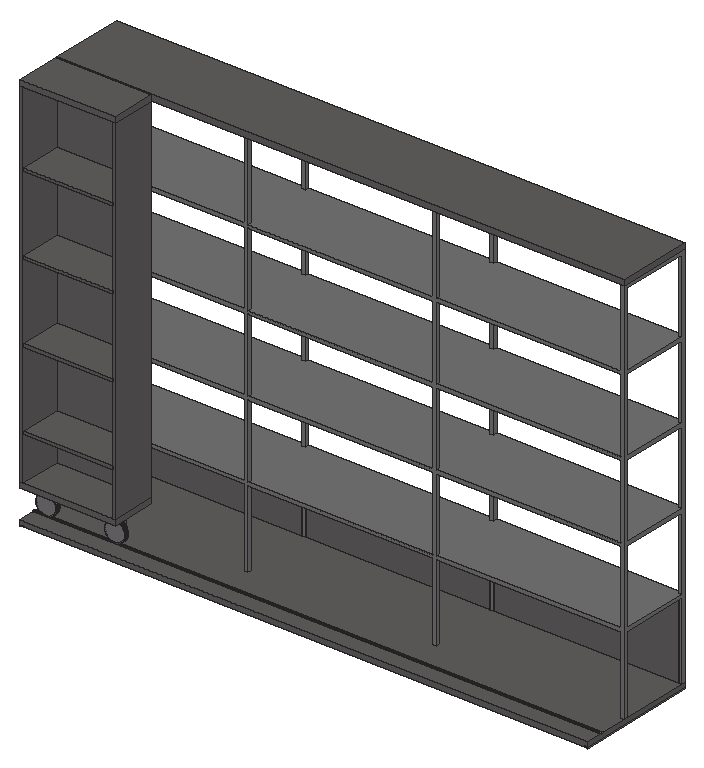
Revit family "Storage-Teknion-PCL__Literatura_Bookcase-R2015", category Furniture, Revit 2015 (continued)
Definition of nested family "Storage-Teknion-PCLG_Literatura_Glider_Shelf-R2015"
  Lines and regions (in)
    symbolic lines, detail levels fine
      curve 11: line (-6.87756, -0.01971, 0) -> (-6.87756, -0.19276, 0)
      curve 12: line (-5.84569, -0.19276, 0) -> (-5.84569, -0.01971, 0)
      curve 13: line (-5.96333, 0.05903, 0) -> (-6.75211, 0.05903, 0)
      curve 14: line (-6.75211, 0.05903, 0) -> (-6.75211, -0.01971, 0)
      curve 15: line (-5.96333, 0.05903, 0) -> (-5.96333, -0.01971, 0)
      curve 16: line (-5.84569, -0.19276, 0) -> (-4.51006, -0.42833, 0)
      curve 17: arc (-4.51006, -0.42833, 0) -> (-4.47363, -0.44693, 0) -> (-4.45391, -0.48277, 0) r 0.06973
      curve 18: arc (-4.45391, -0.48277, 0) -> (-4.43476, -0.56874, 0) -> (-4.43311, -0.6568, 0) r 0.44023
      curve 19: arc (-4.43311, -0.6568, 0) -> (-4.4433, -0.69006, 0) -> (-4.46646, -0.71603, 0) r 0.08129
      curve 20: arc (-4.46646, -0.71603, 0) -> (-4.54752, -0.82404, 0) -> (-4.47303, -0.9367, 0) r 0.1172
      curve 21: arc (-4.47303, -0.9367, 0) -> (-4.44067, -0.97051, 0) -> (-4.43371, -1.0168, 0) r 0.07741
      curve 22: arc (-4.43371, -1.0168, 0) -> (-4.43934, -1.08132, 0) -> (-4.45379, -1.14446, 0) r 0.47028
      curve 23: arc (-4.45379, -1.14446, 0) -> (-4.48067, -1.18491, 0) -> (-4.52656, -1.20081, 0) r 0.07594
      curve 24: line (-5.84569, -0.19276, 0) -> (-6.87756, -0.19276, 0)
      curve 25: line (-6.87756, -0.19276, 0) -> (-8.2132, -0.42833, 0)
      curve 26: arc (-8.2132, -0.42833, 0) -> (-8.24963, -0.44693, 0) -> (-8.26935, -0.48277, 0) r 0.06973
      curve 27: arc (-8.26935, -0.48277, 0) -> (-8.2885, -0.56874, 0) -> (-8.29015, -0.6568, 0) r 0.44023
      curve 28: arc (-8.29015, -0.6568, 0) -> (-8.27996, -0.69006, 0) -> (-8.2568, -0.71603, 0) r 0.08129
      curve 29: arc (-8.2568, -0.71603, 0) -> (-8.17574, -0.82404, 0) -> (-8.25022, -0.9367, 0) r 0.1172
      curve 30: arc (-8.25022, -0.9367, 0) -> (-8.28259, -0.97051, 0) -> (-8.28955, -1.0168, 0) r 0.07741
      curve 31: arc (-8.28955, -1.0168, 0) -> (-8.28392, -1.08132, 0) -> (-8.26947, -1.14446, 0) r 0.47028
      curve 32: arc (-8.26947, -1.14446, 0) -> (-8.24259, -1.18491, 0) -> (-8.1967, -1.20081, 0) r 0.07594
      curve 33: line (-8.1967, -1.20081, 0) -> (-4.52656, -1.20081, 0)
      curve 39: line (5.84569, -0.01971, 0) -> (6.87756, -0.01971, 0)
      curve 40: line (6.87756, -0.01971, 0) -> (6.87756, -0.19276, 0)
      curve 41: line (5.84569, -0.19276, 0) -> (5.84569, -0.01971, 0)
      curve 42: line (5.96333, 0.05903, 0) -> (6.75211, 0.05903, 0)
      curve 43: line (6.75211, 0.05903, 0) -> (6.75211, -0.01971, 0)
      curve 44: line (5.96333, 0.05903, 0) -> (5.96333, -0.01971, 0)
      curve 45: line (5.84569, -0.19276, 0) -> (4.51006, -0.42833, 0)
      curve 46: arc (4.51006, -0.42833, 0) -> (4.47363, -0.44693, 0) -> (4.45391, -0.48277, 0) r 0.06973
      curve 47: arc (4.45391, -0.48277, 0) -> (4.43476, -0.56874, 0) -> (4.43311, -0.6568, 0) r 0.44023
      curve 48: arc (4.43311, -0.6568, 0) -> (4.4433, -0.69006, 0) -> (4.46646, -0.71603, 0) r 0.08129
      curve 49: arc (4.46646, -0.71603, 0) -> (4.54752, -0.82404, 0) -> (4.47303, -0.9367, 0) r 0.1172
      curve 50: arc (4.47303, -0.9367, 0) -> (4.44067, -0.97051, 0) -> (4.43371, -1.0168, 0) r 0.07741
      curve 51: arc (4.43371, -1.0168, 0) -> (4.43934, -1.08132, 0) -> (4.45379, -1.14446, 0) r 0.47028
      curve 52: arc (4.45379, -1.14446, 0) -> (4.48067, -1.18491, 0) -> (4.52656, -1.20081, 0) r 0.07594
      curve 53: line (4.52656, -1.20081, 0) -> (8.1967, -1.20081, 0)
      curve 54: line (5.84569, -0.19276, 0) -> (6.87756, -0.19276, 0)
      curve 55: line (6.87756, -0.19276, 0) -> (8.2132, -0.42833, 0)
      curve 56: arc (8.2132, -0.42833, 0) -> (8.24963, -0.44693, 0) -> (8.26935, -0.48277, 0) r 0.06973
      curve 57: arc (8.26935, -0.48277, 0) -> (8.2885, -0.56874, 0) -> (8.29015, -0.6568, 0) r 0.44023
      curve 58: arc (8.29015, -0.6568, 0) -> (8.27996, -0.69006, 0) -> (8.2568, -0.71603, 0) r 0.08129
      curve 59: arc (8.2568, -0.71603, 0) -> (8.17574, -0.82404, 0) -> (8.25022, -0.9367, 0) r 0.1172
      curve 60: arc (8.25022, -0.9367, 0) -> (8.28259, -0.97051, 0) -> (8.28955, -1.0168, 0) r 0.07741
      curve 61: arc (8.28955, -1.0168, 0) -> (8.28392, -1.08132, 0) -> (8.26947, -1.14446, 0) r 0.47028
      curve 62: arc (8.26947, -1.14446, 0) -> (8.24259, -1.18491, 0) -> (8.1967, -1.20081, 0) r 0.07594
  Dimensions and locks (in)
    locked: plane 4 "Left" to plane 5 "Right" at 17.71654
    locked: plane 6 "Back" to plane 7 "Front" at 8.26651
    "Height": plane 8 "Top" to level
    locked: plane 8 "Top" to plane 11 at 1.03937
    plane 10 to plane 9 to plane 12 to level = 1.03937" locked, 0.19685" locked, 4.88254" locked
    plane 16 to plane 15 to plane 14 to plane 13 to level = 14.6063" locked, 14.6063" locked, 14.6063" locked, 14.5223" locked
    plane 19 to plane 20 to plane 6 "Back" = 0.27559" locked, 0.11811" locked
    locked: plane 18 to plane 5 "Right" at 0.53937
    locked: plane 4 "Left" to plane 17 at 0.53937
    plane 23 to plane 24 to plane 5 "Right" = 1.5748" locked, 1.7126" locked
    plane 4 "Left" to plane 21 to plane 22 = 1.7126" locked, 1.5748" locked
    plane 25 to plane 27 to plane 26 to plane 7 "Front" = 1.73108" locked, 0.19806" locked, 4.25076" locked
    Extrusion 3 sketch curve to plane 13 to Extrusion 3 sketch curve = 0.26969" locked, 0.26969" locked
    Extrusion 4 sketch curve to plane 14 to Extrusion 4 sketch curve = 0.26969" locked, 0.26969" locked
    Extrusion 5 sketch curve to plane 15 to Extrusion 5 sketch curve = 0.26969" locked, 0.26969" locked
    Extrusion 6 sketch curve to plane 16 to Extrusion 6 sketch curve = 0.26969" locked, 0.26969" locked
    locked: plane 28 to plane 2 at 1.14232
    locked: Extrusion 9 sketch curve to plane 21 at 0.77996
    locked: Extrusion 9 sketch curve to plane 28 at 0.77996
    locked: plane 22 to Extrusion 10 sketch curve at 0.77996
    locked: Extrusion 10 sketch curve to plane 28 at 0.77996
    locked: Extrusion 12 sketch curve to plane 23 at 0.77996
    locked: plane 28 to Extrusion 12 sketch curve at 0.77996
    locked: plane 24 to Extrusion 11 sketch curve at 0.77996
    locked: plane 28 to Extrusion 11 sketch curve at 0.77996
    locked: level to Extrusion 15 sketch curve at 1.92956
    locked: Extrusion 15 sketch curve to plane 5 "Right" at 2.49868
    locked: plane 29 to plane 23 at 1.14083
    locked: plane 24 to plane 30 at 1.14347
    aligned and locked: level to plane 2
    aligned and locked: Extrusion 1 sketch curve to plane 4 "Left"
    aligned and locked: Extrusion 1 sketch curve to plane 17
    aligned and locked: Extrusion 1 sketch curve to plane 6 "Back"  (x2)
    aligned and locked: Extrusion 1 sketch curve to plane 7 "Front"
    aligned and locked: Extrusion 1 sketch curve to plane 18
    aligned and locked: plane 5 "Right" to Extrusion 1 sketch curve
    aligned and locked: plane 7 "Front" to Extrusion 1 sketch curve
    aligned and locked: Extrusion 1 to plane 11
    aligned and locked: Extrusion 1 to plane 10
    aligned and locked: Extrusion 2 sketch curve to plane 4 "Left"
    aligned and locked: Extrusion 2 sketch curve to plane 6 "Back"
    aligned and locked: plane 5 "Right" to Extrusion 2 sketch curve
    aligned and locked: Extrusion 2 sketch curve to plane 7 "Front"
    aligned and locked: Extrusion 2 to plane 8 "Top"
    aligned and locked: Extrusion 2 to plane 11
    aligned and locked: Extrusion 3 sketch curve to plane 18
    aligned and locked: plane 17 to Extrusion 3 sketch curve
    aligned and locked: Extrusion 4 sketch curve to plane 18
    aligned and locked: plane 17 to Extrusion 4 sketch curve
    aligned and locked: plane 17 to Extrusion 5 sketch curve
    aligned and locked: Extrusion 5 sketch curve to plane 18
    aligned and locked: plane 17 to Extrusion 6 sketch curve
    aligned and locked: Extrusion 6 sketch curve to plane 18
    aligned and locked: Extrusion 6 to plane 19
    aligned and locked: Extrusion 5 to plane 19
    aligned and locked: Extrusion 4 to plane 19
    aligned and locked: Extrusion 3 to plane 19
    aligned and locked: plane 7 "Front" to Extrusion 6
    aligned and locked: plane 7 "Front" to Extrusion 5
    aligned and locked: plane 7 "Front" to Extrusion 4
    aligned and locked: plane 7 "Front" to Extrusion 3
    aligned and locked: Extrusion 7 sketch curve to plane 4 "Left"
    aligned and locked: Extrusion 7 sketch curve to plane 10
    aligned and locked: Extrusion 7 sketch curve to plane 9
    aligned and locked: plane 5 "Right" to Extrusion 7 sketch curve
    aligned and locked: Extrusion 7 to plane 6 "Back"
    aligned and locked: Extrusion 7 to plane 7 "Front"
    aligned and locked: plane 25 to Extrusion 8 sketch curve
    aligned and locked: plane 12 to Extrusion 8 sketch curve
    aligned and locked: plane 9 to Extrusion 8 sketch curve
    aligned and locked: plane 26 to Extrusion 8 sketch curve
    aligned and locked: plane 27 to Extrusion 8 sketch curve
    aligned and locked: Extrusion 8 sketch curve to plane 28
    aligned and locked: Extrusion 9 sketch curve to plane 21
    aligned and locked: Extrusion 9 sketch curve to plane 28
    aligned and locked: Extrusion 10 sketch curve to plane 22
    aligned and locked: plane 28 to Extrusion 10 sketch curve
    aligned and locked: plane 25 to Extrusion 10
    aligned and locked: plane 25 to Extrusion 9
    aligned and locked: plane 25 to Extrusion 12
    aligned and locked: Extrusion 11 to plane 25
    aligned and locked: plane 23 to Extrusion 12 sketch curve
    aligned and locked: plane 28 to Extrusion 12 sketch curve
    aligned and locked: Extrusion 11 sketch curve to plane 28
    aligned and locked: plane 24 to Extrusion 11 sketch curve
    aligned and locked: plane 26 to Extrusion 10
    aligned and locked: Extrusion 9 to plane 26
    aligned and locked: plane 28 to Extrusion 13 sketch curve
    aligned and locked: Extrusion 13 sketch curve to plane 27
    aligned and locked: Extrusion 13 sketch curve to plane 26
    aligned and locked: Extrusion 13 sketch curve to plane 12
    aligned and locked: Extrusion 13 sketch curve to plane 9
    aligned and locked: Extrusion 13 sketch curve to plane 25
    aligned and locked: plane 26 to Extrusion 12
    aligned and locked: plane 26 to Extrusion 11
    aligned and locked: Extrusion 14 sketch curve to plane 20
    aligned and locked: Extrusion 14 sketch curve to plane 17
    aligned and locked: Extrusion 14 sketch curve to plane 19
    aligned and locked: Extrusion 14 sketch curve to plane 18
    aligned and locked: plane 11 to Extrusion 14
    aligned and locked: Extrusion 14 to plane 10
    aligned and locked: Extrusion 21 sketch curve to Blend 20  (x2)
    aligned and locked: Masking region 1 sketch curve to plane 4 "Left"
    aligned and locked: Masking region 1 sketch curve to plane 6 "Back"
    aligned and locked: plane 5 "Right" to Masking region 1 sketch curve
    aligned and locked: Masking region 1 sketch curve to plane 7 "Front"
    aligned and locked: curve 1 to plane 17
    aligned and locked: curve 2 to plane 18
    aligned and locked: curve 3 to plane 19
    aligned and locked: curve 4 to plane 20
    aligned and locked: curve 5 to plane 25
    aligned and locked: curve 6 to plane 22
    aligned and locked: curve 7 to plane 21
    aligned and locked: curve 8 to plane 26
    aligned and locked: curve 9 to plane 27
    aligned and locked: curve 10 to Extrusion 23
    aligned and locked: curve 11 to Extrusion 23
    aligned and locked: curve 12 to Extrusion 23
    aligned and locked: curve 13 to Extrusion 24
  Automatic sketch dimensions
    plane 21 to Extrusion 9 sketch curve = 0.77253"
    plane 22 to Extrusion 10 sketch curve = 0.77253"
    plane 24 to Extrusion 11 sketch curve = 0.77253"
    Extrusion 12 sketch curve to Extrusion 12 sketch curve = 0.77253"
    Sweep 16 sketch curve to plane 24 = 0.78404"
    plane 28 to Sweep 16 sketch curve = 0.78801"
    profile plane to Sweep 16 sketch curve = 0.13445"
    Sweep 16 sketch curve to profile plane = 0.00181"  (x2)
    Sweep 16 sketch curve to profile plane = 0.00241"
    Sweep 16 sketch curve to profile plane = 0.0805"
    Sweep 16 sketch curve to Sweep 16 sketch curve = 0.07882"
    Sweep 16 sketch curve to profile plane = 0.09577"
    Sweep 16 sketch curve to profile plane = 0.0958"
    Sweep 16 sketch curve to Sweep 16 sketch curve = 0.28044"
    Sweep 16 sketch curve to Sweep 16 sketch curve = 0.40761"
    plane 1 "Center Front/Back" to Sweep 16 sketch curve = 0.42634"
    Sweep 16 sketch curve to Sweep 16 sketch curve = 0.07565"
    Sweep 16 sketch curve to Sweep 16 sketch curve = 0.10382"
    Sweep 16 sketch curve to Sweep 16 sketch curve = 0.04561"
    Sweep 16 sketch curve to Sweep 16 sketch curve = 0.05098"
    Sweep 16 sketch curve to Sweep 16 sketch curve = 0.17113"
    Sweep 16 sketch curve to Sweep 16 sketch curve = 0.17622"
    Sweep 16 sketch curve to Sweep 16 sketch curve = 0.12082"
    Sweep 16 sketch curve to Sweep 16 sketch curve = 0.19667"
    Sweep 16 sketch curve to Sweep 16 sketch curve = 0.000"  (x3)
    Sweep 16 sketch curve to profile plane = 0.02249"
    plane 21 to Extrusion 17 sketch curve = 0.78608"
    plane 28 to Extrusion 17 sketch curve = 0.78724"
    Sweep 18 sketch curve to plane 21 = 0.78404"
    Sweep 18 sketch curve to plane 28 = 0.78801"
    profile plane to Sweep 18 sketch curve = 0.48811"
    profile plane to Sweep 18 sketch curve = 0.37621"
    profile plane to Sweep 18 sketch curve = 0.0958"
    profile plane to Sweep 18 sketch curve = 0.09577"
    profile plane to Sweep 18 sketch curve = 0.08063"
    profile plane to Sweep 18 sketch curve = 0.0805"
    profile plane to Sweep 18 sketch curve = 0.00241"
    profile plane to Sweep 18 sketch curve = 0.00181"
    Sweep 18 sketch curve to profile plane = 0.13445"
    plane 1 "Center Front/Back" to Sweep 18 sketch curve = 0.42634"
    Sweep 18 sketch curve to Sweep 18 sketch curve = 0.07565"
    Sweep 18 sketch curve to Sweep 18 sketch curve = 0.10382"
    Sweep 18 sketch curve to Sweep 18 sketch curve = 0.04561"
    Sweep 18 sketch curve to Sweep 18 sketch curve = 0.05098"
    Sweep 18 sketch curve to Sweep 18 sketch curve = 0.17113"
    Sweep 18 sketch curve to Sweep 18 sketch curve = 0.17622"
    Sweep 18 sketch curve to Sweep 18 sketch curve = 0.12082"
    Sweep 18 sketch curve to Sweep 18 sketch curve = 0.19667"
    Sweep 18 sketch curve to Sweep 18 sketch curve = 0.000"  (x4)
    profile plane to Sweep 18 sketch curve = 0.02249"
    Blend 19 sketch curve to plane 21 = 0.78404"  (x2)
    Blend 19 sketch curve to plane 28 = 0.78801"  (x2)
    Blend 20 sketch curve to plane 24 = 0.78404"  (x2)
    plane 28 to Blend 20 sketch curve = 0.78801"  (x2)
    Extrusion 22 sketch curve to plane 23 = 0.78686"
    Extrusion 22 sketch curve to plane 28 = 0.78801"
    Extrusion 23 sketch curve to Extrusion 23 sketch curve = 0.000"  (x2)
    plane 21 to Extrusion 23 sketch curve = 0.78404"
    plane 28 to Extrusion 23 sketch curve = 0.78801"
    plane 21 to Extrusion 23 sketch curve = 0.2681"
    Extrusion 24 sketch curve to plane 22 = 0.78686"
    plane 28 to Extrusion 24 sketch curve = 0.78801"
    curve 37 to plane 23 = 0.000"
    curve 36 to plane 24 = 0.000"
    plane 7 "Front" to curve 1 = 0.000"
    plane 7 "Front" to curve 2 = 0.000"
    plane 26 to curve 36 = 0.000"
    plane 27 to curve 38 = 0.000"
    curve 36 to plane 25 = 0.000"
    curve 1 to plane 6 "Back" = 0.000"
    curve 2 to plane 6 "Back" = 0.000"
    plane 17 to curve 29 = 0.02601"
    plane 17 to curve 25 = 0.10569"
    plane 17 to curve 30 = 0.10579"
    plane 17 to curve 28 = 0.10977"
    curve 26 to curve 26 = 0.01211"
    plane 17 to curve 33 = 0.1222"
    curve 32 to curve 32 = 0.00061"
    curve 28 to curve 27 = 0.35775"
    curve 27 to curve 31 = 0.03202"
    curve 10 to curve 13 = 0.12545"
    curve 15 to curve 10 = 0.11764"
    plane 22 to curve 22 = 0.66696"
    curve 22 to curve 18 = 0.03202"
    curve 22 to curve 23 = 0.37674"
    curve 23 to curve 33 = 0.00061"
    curve 18 to curve 17 = 0.34972"
    curve 17 to curve 19 = 0.00804"
    curve 23 to curve 21 = 0.01701"
    plane 1 "Center Front/Back" to curve 16 = 0.42833"
    curve 17 to curve 16 = 0.01211"
    curve 21 to curve 20 = 0.07979"
    plane 29 to curve 49 = 0.00033"
    plane 29 to curve 45 = 0.08002"
    plane 29 to curve 50 = 0.08012"
    plane 29 to curve 48 = 0.0841"
    curve 45 to curve 46 = 0.01211"
    plane 29 to curve 53 = 0.09652"
    curve 52 to curve 52 = 0.00061"
    curve 48 to curve 47 = 0.35775"
    curve 47 to curve 51 = 0.03202"
    plane 23 to curve 45 = 0.27483"
    plane 26 to curve 42 = 0.05787"
    curve 39 to curve 42 = 0.11764"
    curve 42 to plane 24 = 0.39356"
    curve 43 to curve 40 = 0.12545"
    plane 30 to curve 61 = 0.46979"
    curve 61 to curve 57 = 0.03202"
    plane 30 to curve 62 = 0.09305"
    curve 62 to curve 53 = 0.00061"
    plane 30 to curve 56 = 0.08805"
    plane 30 to curve 58 = 0.08002"
    plane 30 to curve 60 = 0.07604"
    curve 56 to curve 55 = 0.01211"
    curve 59 to plane 30 = 0.00375"
    plane 1 "Center Front/Back" to curve 33 = 1.20081"
    plane 1 "Center Front/Back" to curve 53 = 1.20081"
    curve 53 to curve 62 = 0.07594"
    curve 33 to curve 23 = 0.07594"
    curve 52 to curve 52 = 0.07594"
    curve 32 to curve 32 = 0.07594"
    curve 52 to curve 51 = 0.11665"
    curve 23 to curve 22 = 0.11665"
    curve 32 to curve 31 = 0.11665"
    curve 62 to curve 61 = 0.11665"
    curve 32 to curve 30 = 0.12025"
    curve 52 to curve 50 = 0.12025"
    curve 62 to curve 60 = 0.12025"
    curve 23 to curve 21 = 0.12025"
    curve 21 to curve 20 = 0.17709"
    curve 50 to curve 49 = 0.17709"
    curve 30 to curve 29 = 0.17709"
    curve 60 to curve 59 = 0.17709"
    curve 20 to curve 19 = 0.17735"
    curve 59 to curve 58 = 0.17735"
    curve 49 to curve 48 = 0.17735"
    curve 29 to curve 28 = 0.17735"
    curve 48 to curve 47 = 0.02921"
    curve 58 to curve 57 = 0.02921"
    curve 19 to curve 18 = 0.02921"
    curve 28 to curve 27 = 0.02921"
    curve 48 to curve 46 = 0.15319"
    curve 58 to curve 56 = 0.15319"
    curve 17 to curve 16 = 0.06867"
    curve 28 to curve 26 = 0.15319"
    curve 46 to curve 45 = 0.06867"
    curve 56 to curve 55 = 0.06867"
    curve 26 to curve 25 = 0.06867"
    plane 1 "Center Front/Back" to curve 41 = 0.19276"
    curve 25 to curve 10 = 0.17305"
    plane 1 "Center Front/Back" to curve 41 = 0.01971"
    plane 17 to curve 28 = 0.02875"
    curve 27 to curve 28 = 0.000"
    plane 17 to curve 30 = 0.02934"
    plane 17 to curve 32 = 0.04943"
    plane 17 to curve 28 = 0.0621"
    curve 21 to curve 21 = 0.03712"
    curve 19 to curve 19 = 0.04767"
    curve 17 to curve 18 = 0.06826"
    curve 23 to curve 23 = 0.07337"
    curve 21 to curve 22 = 0.07645"
    plane 29 to curve 48 = 0.00308"
    curve 47 to curve 48 = 0.000"
    plane 29 to curve 50 = 0.00367"
    plane 29 to curve 52 = 0.02376"
    plane 29 to curve 49 = 0.03643"
    plane 30 to curve 59 = 0.03892"
    plane 30 to curve 59 = 0.03234"
    plane 30 to curve 57 = 0.01979"
    plane 30 to curve 61 = 0.01968"
    curve 61 to plane 30 = 0.00041"
    radius of Extrusion 15 sketch curve = 2.000"
    radius of Sweep 16 sketch curve = 1.93033"
    radius of Extrusion 17 sketch curve = 2.000"
    radius of Sweep 18 sketch curve = 1.93033"
    radius of Blend 19 sketch curve = 1.85157"
    radius of Blend 19 sketch curve = 0.51594"
    radius of Blend 20 sketch curve = 1.85157"
    radius of Blend 20 sketch curve = 0.51594"
    radius of Extrusion 22 sketch curve = 0.39439"
    radius of Extrusion 24 sketch curve = 0.39439"
Types (5): name | Triple Front Feet | Top Shelf Thickness | Top Shelf Notch | Shelf Location | Part Number | Model | Height | Has Shelf Rail | Has Rail Shelf 75" | Has Rail Shelf 46" | Front Feet | Description | Depth | 75 Hieght | 75 Height & Triple Cut
  (no name) | yes | 1.037" | -107.394" | 11.211" | "PCLO" | "PCLO7522__" | 74.685" | yes | yes | no | yes | "Literatura Open w/ Glider Shelf, 75\" Height, 22\" Depth" | 22.441" | 1.000" | 1.000"
  46" Height | no | 1.078" | 1.000" | 6.969" | "PCLB" | "PCLB4614_" | 46.142" | no | no | no | no | "Literatura Open Bookcase, 46\" Height, 14\" Depth" | 13.976" | 20.000" | 20.000"
  75" Height | no | 1.037" | 1.000" | 6.969" | "PCLB" | "PCLB7514_" | 74.685" | no | no | no | no | "Literatura Open Bookcase, 75\" Height, 14\" Depth" | 13.976" | 1.000" | 1.000"
  46" Height w/ Glider Shelf | yes | 1.078" | -107.394" | 11.211" | "PCLO" | "PCLO4622_" | 46.142" | yes | no | yes | yes | "Literatura Open w/ Glider Shelf, 46\" Height, 22\" Depth" | 22.441" | 20.000" | 20.000"
  75" Height w/Glider Shelf | yes | 1.037" | -107.394" | 11.211" | "PCLO" | "PCLO7522__" | 74.685" | yes | yes | no | yes | "Literatura Open w/ Glider Shelf, 75\" Height, 22\" Depth" | 22.441" | 1.000" | 1.000"
